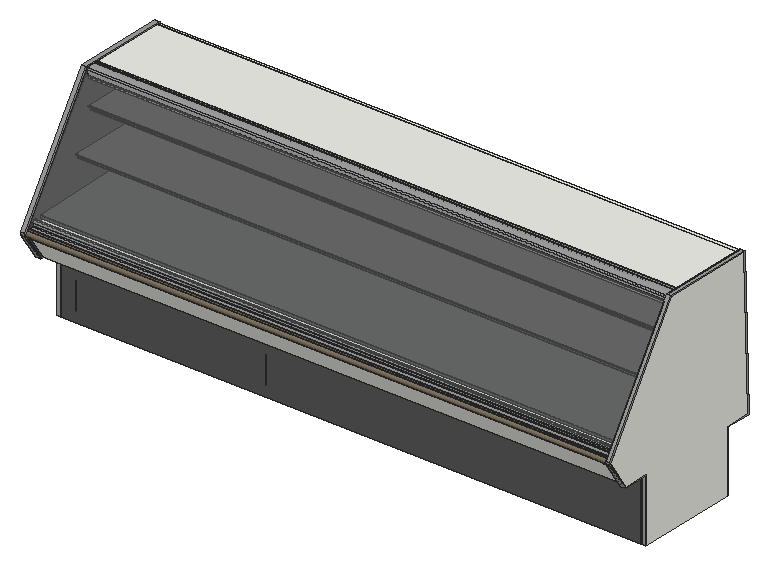
Revit family "Q3-BS_2014", category Specialty Equipment, Revit 2014
Parameters (values of type "12'-0" Length")
  Width = 144"
  Waste Drain = 1 1/2"  # constant formula
  URL = "www.hussmann.com"
  Type Comments = "Q-Series Family"  # constant formula
  Trim = Stainless Steel
  Total Weight = Case Weight + (2 * End Weight)  # 0.00 lbf
  Splashguard = Textured Sheet Metal (Steel Painted) - 701 Black
  Side Panel - Right [instance] = yes
  Side Panel - Left [instance] = yes
  Shelves = Sheet Metal (Steel Painted) - 701 Black
  Shelf Lights [instance] = yes
  Revit Family Date = "11/20/2015"  # constant formula
  Refrigeration Lines Suction = 5/8"  # constant formula
  Refrigeration Lines Liquid = 3/8"  # constant formula
  Refrig. Suction = "Suction"
  Refrig. Liquid = "Liquid"
  Number of Supports = if(Width < 50", 2, if(Width < 100", 3, 4))  # 4
  Number of Shelves = 2  # constant formula
  Note from Manufacturer = "This model only comes in 4'-0\", 5'-0\", 6'-0\", 8'-0\", 10'-0\" & 12'-0\" lengths."
  Model URL = "http://www.hussmann.com/en/product%20viewer/display-cases/Q3-BS"
  Model = "Q3-BS"  # constant formula
  Manufacturer Disclaimer = "The information in this file is not intended to be an exact representation of the corresponding Hussmann product.  Further, we reserve the right to change or revise specifications and product design in connection with any feature of our products. Such changes do not entitle the buyer to corresponding changes, improvements, additions, or replacements for equipment previously sold or shipped."  # constant formula
  Manufacturer = "Hussmann Corporation"  # constant formula
  Height = 52"  # constant formula
  Glazing = Glass
  Ends = Textured Sheet Metal (Steel Painted) - 149 White Satin Matte
  End Weight = 0.00 lbf  # constant formula
  Door Frame = Plastic - 144 Mist Gray
  Description = "Service Merchandiser with Curved Glass – Refrigerated or Dry Multi-Deck Bakery"  # constant formula
  Depth = 42 1/4"  # constant formula
  Cutsheet URL = "http://www.hussmann.com/en/Technical%20Documents/Q3-BS_ds_En.pdf"
  Close Off Panel = Textured Sheet Metal (Steel Painted) - 701 Black
  Case Weight = 0.00 lbf  # constant formula
  Case Interior - Side Panel = Sheet Metal (Steel Painted) - 701 Black
  Case Interior - Back Panel = Sheet Metal (Steel Painted) - 701 Black
  Case = Textured Sheet Metal (Steel Painted) - 149 White Satin Matte
  Bumper = Extruded PVC - 747 Chocolate Brown
  Assembly Code = ""
  Accessories/Options = ""
  8 Case = Width = 96"  # no
  6 Case = Width = 72"  # no
  5 Case = Width = 60"  # no
  4 Case = Width = 48"  # no
  12 Case = Width = 144"  # yes
  10 Case = Width = 120"  # no
Types (6): name | Width | Number of Supports | 8 Case | 6 Case | 5 Case | 4 Case | 12 Case | 10 Case
  4'-0" Length | 48" | 2 | no | no | no | yes | no | no
  5'-0" Length | 60" | 3 | no | no | yes | no | no | no
  6'-0" Length | 72" | 3 | no | yes | no | no | no | no
  8'-0" Length | 96" | 3 | yes | no | no | no | no | no
  10'-0" Length | 120" | 4 | no | no | no | no | no | yes
  12'-0" Length | 144" | 4 | no | no | no | no | yes | no
Reference planes (in)
  plane 1 "Back": y = 0
  plane 2 "Bottom": z = 0
  plane 3 "Top": z = 52
  plane 4 "Left": x = -77.30699
  plane 5 "Front": y = -42.25
  plane 6 "Center (Left/Right)": x = -5.30699
  plane 7: y = 3
  plane 8: x = -78.43199
  plane 9 "Right": x = 66.69301
  plane 10: y = -45.25
  plane 11: x = 67.81801
  plane 12: z = 24
  plane 13: z = 68
  plane 14: z = 55
Forms (in)
  Extrusion 1, solid, material "Metal - Copper"
    sketch origin (57.40105, 5, -0.375) x (1, 0, 0) y (0, 1, 0)
      loop
        circle (2.85449, -33.25) r 0.28859
      loop
        circle (2.85449, -33.25) r 0.3125
    from 6.375 to 0.375
  Extrusion 2, solid, material "Metal - Copper"
    sketch origin (59.82608, 5, -0.375) x (1, 0, 0) y (0, 1, 0)
      loop
        circle (0.92946, -33.25) r 0.17188
      loop
        circle (0.92946, -33.25) r 0.1875
    from 6.375 to 0.375
  Extrusion 3, solid, material "Metal - Copper"
    sketch origin (-56.6875, 1.04319, 0) x (1, 0, 0) y (0, 1, 0)
      loop
        arc (56.38051, -25.39663) -> (55.85018, -25.6163) -> (55.63051, -26.14663) r 0.75
        arc (55.63051, -26.14663) -> (55.85018, -26.67696) -> (56.38051, -26.89663) r 0.75
        arc (56.38051, -26.89663) -> (56.91084, -26.67696) -> (57.13051, -26.14663) r 0.75
        arc (57.13051, -26.14663) -> (56.91084, -25.6163) -> (56.38051, -25.39663) r 0.75
      loop
        circle (56.38051, -26.14663) r 0.7102
    from 6.42413 to 0
  Extrusion 4, solid, material "Textured Sheet Metal (Steel Painted) - 149 White Satin Matte" <- "Case"
    sketch origin (-77.30699, 0, 0) x (0, 1, 0) y (0, 0, 1)
      loop
        line (-3.33879, 26.93864) -> (-7.65379, 26.70031) -> (-7.65379, 25.55979) -> (-37.4777, 24.87018) -> (-37.4777, 23.5261) -> (-41.36983, 23.5261) -> (-41.36983, 22.48714) -> (-36.93709, 15.87134) -> (-31.21576, 15.87134) -> (-31.21576, 15.66) -> (-5.77451, 15.66) -> (-5.77451, 15.50849) -> (0, 15.50849) -> (0, 24.99834) -> (-3.33879, 24.99834) -> (-3.33879, 26.93864)
      loop
        line (-18.49129, 50.29793) -> (-3.29712, 50.29793) -> (-3.29712, 49.90368) -> (-0.6803, 49.94935) -> (-0.73901, 51.93893) -> (-1.44054, 51.93893) -> (-1.44054, 51.59373) -> (-18.49129, 51.59373) -> (-18.49129, 50.29793)
    from 0 to 144 <- "Width"
  Extrusion 5, solid, material "Stainless Steel" <- "Trim"
    sketch origin (-77.30699, 0, 0) x (0, 1, 0) y (0, 0, 1)
      loop
        line (-40.51699, 23.5261) -> (-37.4777, 23.5261) -> (-37.4777, 24.0261) -> (-39.58806, 24.0261) -> (-39.58806, 24.58752) -> (-39.52606, 24.58752) -> (-39.52606, 25.29152)
        arc (-39.52606, 25.29152) -> (-39.54421, 25.33536) -> (-39.58806, 25.35352) r 0.062
        line (-39.58806, 25.35352) -> (-39.82706, 25.35352)
        arc (-39.82706, 25.35352) -> (-39.8709, 25.33536) -> (-39.88906, 25.29152) r 0.062
        line (-39.88906, 25.29152) -> (-39.88906, 24.58752) -> (-39.83806, 24.58752) -> (-39.83806, 24.0261) -> (-40.335, 24.0261) -> (-40.51699, 23.5261)
      loop
        line (-18.49129, 51.5591) -> (-20.05441, 51.5591) -> (-20.05441, 51.9528)
        arc (-20.05441, 51.9528) -> (-20.06017, 51.96672) -> (-20.07409, 51.97249) r 0.01969
        line (-20.07409, 51.97249) -> (-20.89718, 51.97249)
        arc (-20.89718, 51.97249) -> (-20.9125, 51.96225) -> (-20.90891, 51.94417) r 0.01659
        line (-20.90891, 51.94417) -> (-20.85848, 51.89375) -> (-20.69863, 51.89375) -> (-20.69863, 51.74562) -> (-21.28558, 51.74562) -> (-21.28558, 51.86951)
        arc (-21.28558, 51.86951) -> (-21.17182, 51.87276) -> (-21.05802, 51.87241) r 3.60235
        arc (-21.05802, 51.87241) -> (-21.00788, 51.92069) -> (-21.05616, 51.97082) r 0.04921
        arc (-21.05616, 51.97082) -> (-21.96425, 51.87528) -> (-22.8213, 51.5603) r 3.70077
        arc (-22.8213, 51.5603) -> (-22.99894, 51.43499) -> (-23.13554, 51.26589) r 0.7874
        arc (-23.13554, 51.26589) -> (-23.28093, 50.94215) -> (-23.34598, 50.59327) r 1.49606
        arc (-23.34598, 50.59327) -> (-23.32861, 50.56726) -> (-23.29898, 50.57729) r 0.0257
        line (-23.29898, 50.57729) -> (-23.26276, 50.63136) -> (-23.23005, 50.60945) -> (-22.83571, 51.19826) -> (-22.63944, 51.06681) -> (-23.04087, 50.46742) -> (-22.87918, 50.35913) -> (-23.00604, 50.23581)
        arc (-23.00604, 50.23581) -> (-23.02374, 50.20987) -> (-23.0299, 50.17909) r 0.07874
        line (-23.0299, 50.17909) -> (-23.0291, 49.93624) -> (-22.83952, 49.41537) -> (-22.11947, 49.41537)
        arc (-22.11947, 49.41537) -> (-21.86259, 49.36022) -> (-21.65097, 49.20449) r 0.62587
        arc (-21.65097, 49.20449) -> (-21.05135, 48.69284) -> (-20.33401, 48.36609) r 2.83465
        arc (-20.33401, 48.36609) -> (-20.01176, 48.33988) -> (-19.70615, 48.44537) r 0.7874
        line (-19.70615, 48.44537) -> (-18.64369, 49.08103)
        arc (-18.64369, 49.08103) -> (-18.42381, 49.34818) -> (-18.42415, 49.69418) r 0.51181
        line (-18.42415, 49.69418) -> (-18.18132, 49.73699)
        arc (-18.18132, 49.73699) -> (-17.73622, 49.52244) -> (-17.63009, 50.00503) r 0.31496
        line (-17.63009, 50.00503) -> (-17.17637, 50.29793) -> (-18.49129, 50.29793) -> (-18.49129, 51.5591)
    from 0 to 144 <- "Width"
  Extrusion 6, solid, material "Glass" <- "Glazing"
    sketch origin (-77.30699, 0, 0) x (0, 1, 0) y (0, 0, 1)
      loop
        line (-22.63944, 51.06681) -> (-22.83571, 51.19826) -> (-40.40598, 24.96367) -> (-40.20971, 24.83222) -> (-22.63944, 51.06681)
    from 0 to 144 <- "Width"
  Extrusion 7, solid, material "Extruded PVC - 747 Chocolate Brown" <- "Bumper"
    sketch origin (-77.30699, 0, 0) x (0, 1, 0) y (0, 0, 1)
      loop
        line (-41.37483, 23.55071) -> (-41.67328, 23.55071)
        arc (-41.67328, 23.55071) -> (-42.22678, 22.99721) -> (-41.67328, 22.44371) r 0.5535
        line (-41.67328, 22.44371) -> (-41.37483, 22.44371) -> (-41.37483, 22.05759)
        arc (-41.37483, 22.05759) -> (-41.30983, 21.99259) -> (-41.24483, 22.05759) r 0.065
        line (-41.24483, 22.05759) -> (-41.24483, 22.30058) -> (-41.36983, 22.48714) -> (-41.36983, 23.5261) -> (-41.24483, 23.5261) -> (-41.24483, 23.85459)
        arc (-41.24483, 23.85459) -> (-41.30983, 23.91959) -> (-41.37483, 23.85459) r 0.065
        line (-41.37483, 23.85459) -> (-41.37483, 23.55071)
    from 0 to 144 <- "Width"
  Extrusion 8, solid, material "Textured Sheet Metal (Steel Painted) - 701 Black" <- "Close Off Panel"
    sketch origin (-77.30699, 0, 0) x (0, 1, 0) y (0, 0, 1)
      loop
        line (-31.21576, 0) -> (-30.68076, 0) -> (-30.68076, 15.66) -> (-31.21576, 15.66) -> (-31.21576, 0)
      loop
        line (-5.70451, 0) -> (-5.70451, 15.6875) -> (-6.20451, 15.6875) -> (-6.20451, 0) -> (-5.70451, 0)
    from 0 to 144 <- "Width"
  Extrusion 9, solid, material "Stainless Steel" <- "Trim", visible <- "Side Panel - Left"
    sketch origin (-78.43199, -180, -15.1222) x (0, 0, -1) y (0, -1, 0)
      loop
        line (-30.68856, -142.46894) -> (-37.80148, -137.70311)
        arc (-37.80148, -137.70311) -> (-38.0774, -137.61849) -> (-38.35412, -137.70047) r 0.5
        line (-38.35412, -137.70047) -> (-67.20264, -156.63232) -> (-67.20261, -179.45344) -> (-30.3722, -180.59449) -> (-30.3722, -174.29549) -> (-15.1222, -174.29549) -> (-15.1222, -174.17049) -> (-30.4972, -174.17049) -> (-30.4972, -180.46556) -> (-67.07761, -179.33225) -> (-67.07764, -156.69981) -> (-38.28554, -137.80497)
        arc (-38.28554, -137.80497) -> (-38.078, -137.74349) -> (-37.87106, -137.80695) r 0.375
        line (-37.87106, -137.80695) -> (-30.81356, -142.53565) -> (-30.81356, -148.90924) -> (-15.1222, -148.90924) -> (-15.1222, -148.78424) -> (-30.68856, -148.78424) -> (-30.68856, -142.46894)
    from -1.125 to 0
  Extrusion 10, solid, material "Textured Sheet Metal (Steel Painted) - 149 White Satin Matte" <- "Ends", visible <- "Side Panel - Left"
    sketch origin (-78.43199, -180, -15.1222) x (0, 0, -1) y (0, -1, 0)
      loop
        line (-15.1222, -148.90924) -> (-30.81356, -148.90924) -> (-30.81356, -142.53565) -> (-37.87106, -137.80695)
        arc (-37.87106, -137.80695) -> (-38.078, -137.74349) -> (-38.28554, -137.80497) r 0.375
        line (-38.28554, -137.80497) -> (-67.07764, -156.69981) -> (-67.07761, -179.33225) -> (-30.4972, -180.46556) -> (-30.4972, -174.17049) -> (-15.1222, -174.17049) -> (-15.1222, -148.90924)
    from 0 to -1.09375
  Extrusion 11, solid, material "Sheet Metal (Steel Painted) - 701 Black" <- "Case Interior - Side Panel", visible <- "Side Panel - Left"
    sketch origin (-77.30699, 0, 0) x (0, 1, 0) y (0, 0, 1)
      loop
        line (-31.09076, 0) -> (-5.82951, 0) -> (-5.82951, 15.375) -> (0.46556, 15.375) -> (-0.66775, 51.95541) -> (-23.30019, 51.95544) -> (-42.19503, 23.16334)
        arc (-42.19503, 23.16334) -> (-42.25651, 22.9558) -> (-42.19305, 22.74886) r 0.375
        line (-42.19305, 22.74886) -> (-37.46435, 15.69136) -> (-31.09076, 15.69136) -> (-31.09076, 0)
    from 0 to -0.03125
  Extrusion 12, solid, material "Stainless Steel" <- "Trim", visible <- "Side Panel - Right"
    sketch origin (67.81801, -180, -15.1222) x (0, 0, -1) y (0, 1, 0)
      loop
        line (-30.68856, 142.46894) -> (-30.68856, 148.78424) -> (-15.1222, 148.78424) -> (-15.1222, 148.90924) -> (-30.81356, 148.90924) -> (-30.81356, 142.53565) -> (-37.87106, 137.80695)
        arc (-37.87106, 137.80695) -> (-38.078, 137.74349) -> (-38.28554, 137.80497) r 0.375
        line (-38.28554, 137.80497) -> (-67.07764, 156.69981) -> (-67.07761, 179.33225) -> (-30.4972, 180.46556) -> (-30.4972, 174.17049) -> (-15.1222, 174.17049) -> (-15.1222, 174.29549) -> (-30.3722, 174.29549) -> (-30.3722, 180.59449) -> (-67.20261, 179.45344) -> (-67.20264, 156.63232) -> (-38.35412, 137.70047)
        arc (-38.35412, 137.70047) -> (-38.0774, 137.61849) -> (-37.80148, 137.70311) r 0.5
        line (-37.80148, 137.70311) -> (-30.68856, 142.46894)
    from -1.125 to 0
  Extrusion 13, solid, material "Textured Sheet Metal (Steel Painted) - 149 White Satin Matte" <- "Ends", visible <- "Side Panel - Right"
    sketch origin (67.81801, -181.56822, -15.1222) x (0, 0, -1) y (0, 1, 0)
      loop
        line (-15.1222, 150.47746) -> (-15.1222, 175.73871) -> (-30.4972, 175.73871) -> (-30.4972, 182.03378) -> (-67.07761, 180.90047) -> (-67.07764, 158.26802) -> (-38.28554, 139.37319)
        arc (-38.28554, 139.37319) -> (-38.078, 139.31171) -> (-37.87106, 139.37517) r 0.375
        line (-37.87106, 139.37517) -> (-30.81356, 144.10386) -> (-30.81356, 150.47746) -> (-15.1222, 150.47746)
    from 0 to -1.09375
  Extrusion 14, solid, material "Sheet Metal (Steel Painted) - 701 Black" <- "Case Interior - Side Panel", visible <- "Side Panel - Right"
    sketch origin (66.69301, -180, 106.25) x (0, 0, 1) y (0, -1, 0)
      loop
        line (-106.25, -148.90924) -> (-106.25, -174.17049) -> (-90.875, -174.17049) -> (-90.875, -180.46556) -> (-54.29459, -179.33225) -> (-54.29456, -156.69981) -> (-83.08666, -137.80497)
        arc (-83.08666, -137.80497) -> (-83.2942, -137.74349) -> (-83.50114, -137.80695) r 0.375
        line (-83.50114, -137.80695) -> (-90.55864, -142.53565) -> (-90.55864, -148.90924) -> (-106.25, -148.90924)
    from 0 to 0.03125
  Extrusion 15, solid, material "Sheet Metal (Steel Painted) - 701 Black" <- "Shelves"
    sketch origin (-77.30699, 0, 0) x (0, 1, 0) y (0, 0, 1)
      loop
        line (-7.76645, 26.18735) -> (-37.88081, 25.49103) -> (-37.87929, 25.42605) -> (-37.86543, 24.83121) -> (-7.7512, 25.52753) -> (-7.75038, 25.49254)
        arc (-7.75038, 25.49254) -> (-7.7048, 25.5126) -> (-7.6868, 25.55904) r 0.065
        line (-7.6868, 25.55904) -> (-7.69996, 26.12388)
        arc (-7.69996, 26.12388) -> (-7.72006, 26.16939) -> (-7.76645, 26.18735) r 0.065
    from 0 to 144 <- "Width"
  Extrusion 16, solid, material "Sheet Metal (Steel Painted) - 701 Black" <- "Shelves"
    sketch origin (-77.30699, 0, 0) x (0, 1, 0) y (0, 0, 1)
      loop
        line (-22.86261, 43.29583) -> (-22.90261, 43.25583) -> (-22.90261, 43.08692) -> (-22.86152, 43.04583) -> (-19.33261, 43.04583) -> (-19.33261, 42.79583) -> (-21.86761, 42.79583)
        arc (-21.86761, 42.79583) -> (-21.89236, 42.78558) -> (-21.90261, 42.76083) r 0.035
        line (-21.90261, 42.76083) -> (-21.90261, 41.88583)
        arc (-21.90261, 41.88583) -> (-21.88956, 41.85026) -> (-21.8566, 41.83157) r 0.055
        line (-21.8566, 41.83157) -> (-19.83034, 41.44883) -> (-2.4071, 41.44883) -> (-2.4609, 43.04583) -> (-6.90261, 43.04583) -> (-6.90261, 43.25583) -> (-6.94261, 43.29583) -> (-22.86261, 43.29583)
      loop
        line (-26.86261, 34.29583) -> (-26.90261, 34.25583) -> (-26.90261, 34.08692) -> (-26.86152, 34.04583) -> (-23.33261, 34.04583) -> (-23.33261, 33.79583) -> (-25.86761, 33.79583)
        arc (-25.86761, 33.79583) -> (-25.89236, 33.78558) -> (-25.90261, 33.76083) r 0.035
        line (-25.90261, 33.76083) -> (-25.90261, 32.88583)
        arc (-25.90261, 32.88583) -> (-25.88956, 32.85026) -> (-25.8566, 32.83157) r 0.055
        line (-25.8566, 32.83157) -> (-23.83034, 32.44883) -> (-2.1039, 32.44883) -> (-2.1577, 34.04583) -> (-6.90261, 34.04583) -> (-6.90261, 34.25583) -> (-6.94261, 34.29583) -> (-26.86261, 34.29583)
    from 0 to 144 <- "Width"
  Extrusion 17, solid, material "Textured Sheet Metal (Steel Painted) - 149 White Satin Matte" <- "Case"
    sketch origin (-77.30699, 0, 0) x (0, 1, 0) y (0, 0, 1)
      loop
        line (-20.05441, 51.59373) -> (-1.44054, 51.59373) -> (-1.44054, 51.95541) -> (-20.05441, 51.95543) -> (-20.05441, 51.59373)
    from 0 to 144 <- "Width"
Lines and regions (in)
  reference lines
    curve 1: line (-76.0307, -42.25, 0) -> (-76.0307, 0, 0)
    curve 2: line (-0.30699, -42.25, 0) -> (-0.30699, 0, 0)
    curve 3: line (65.44301, -42.25, 0) -> (65.44301, 0, 0)
    curve 4: line (60.56804, -42.25, 0) -> (60.56804, 0, 0)
    curve 5: line (-77.30699, -25.10344, 0) -> (66.69301, -25.10344, 0)
    curve 6: line (66.69301, -28.25, 0) -> (-77.30699, -28.25, 0)
Dimensions and locks (in)
  equal spacing: plane 4 "Left", plane 6 "Center (Left/Right)", plane 9 "Right"
  locked: plane 8 to plane 4 "Left" at 1.125
  "Width": plane 4 "Left" to plane 9 "Right"
  locked: plane 4 "Left" to curve 1 at 1.27628
  locked: plane 6 "Center (Left/Right)" to curve 2 at 5
  locked: curve 3 to plane 9 "Right" at 1.25
  "Depth": plane 5 "Front" to plane 1 "Back"
  plane 5 "Front" to plane 10 = 3"
  plane 1 "Back" to plane 7 = 3"
  locked: curve 4 to plane 9 "Right" at 6.12497
  "Height": plane 3 "Top" to level
  locked: plane 1 "Back" to curve 5 at 25.10344
  locked: plane 1 "Back" to curve 6 at 28.25
  locked: plane 9 "Right" to plane 11 at 1.125
  locked: plane 12 to level at 24
  locked: plane 13 to level at 68
  plane 14 to plane 3 "Top" = 3"
  locked: Extrusion 3 sketch curve to Extrusion 3 sketch curve at 0.0398
  locked: Extrusion 2 sketch curve to Extrusion 2 sketch curve at 0.01562
  locked: Extrusion 1 sketch curve to Extrusion 1 sketch curve at 0.02391
  equal spacing: group 1, group 3, group 4, group 2  (x3)
  locked: plane 9 "Right" to Extrusion 14 at 0.03125
  "Waste Drain": diameter of Extrusion 3 sketch curve
  "Refrigeration Lines Liquid": diameter of Extrusion 2 sketch curve
  "Refrigeration Lines Suction": diameter of Extrusion 1 sketch curve
  aligned and locked: plane 5 "Front" to curve 3
  aligned and locked: plane 5 "Front" to curve 2
  aligned and locked: plane 5 "Front" to curve 1
  aligned and locked: plane 9 "Right" to curve 6
  aligned and locked: plane 9 "Right" to curve 5
  aligned and locked: Extrusion 1 to level
  aligned and locked: Extrusion 2 to level
  aligned and locked: curve 6 to Extrusion 2 sketch curve  (x4)
  aligned and locked: curve 6 to Extrusion 1 sketch curve  (x4)
  aligned and locked: curve 5 to Extrusion 3 sketch curve
  aligned and locked: curve 2 to Extrusion 3 sketch curve
  aligned and locked: curve 4 to Extrusion 2 sketch curve
  aligned and locked: curve 4 to Extrusion 1 sketch curve
  aligned and locked: curve 1 to nested 1
  aligned and locked: curve 3 to nested 2
  aligned and locked: plane 8 to Extrusion 9
  aligned and locked: plane 11 to Extrusion 13
  aligned and locked: Extrusion 13 to Extrusion 14
  aligned and locked: Extrusion 12 to plane 9 "Right"
  aligned and locked: plane 11 to Extrusion 12
  aligned and locked: nested 12 to nested 11
  aligned and locked: nested 10 to nested 12
  aligned and locked: nested 12 to nested 9
  aligned and locked: nested 12 to nested 8  (x2)
  aligned and locked: nested 7 to nested 6
  aligned and locked: nested 12 to nested 7
  aligned and locked: plane 4 "Left" to nested 14
  aligned and locked: plane 4 "Left" to nested 15
  aligned and locked: plane 4 "Left" to nested 16
  aligned and locked: plane 4 "Left" to nested 17
Automatic sketch dimensions
  curve 5 to plane 4 "Left" = 0"
  curve 6 to plane 4 "Left" = 0"
  curve 4 to plane 5 "Front" = 0"
  plane 1 "Back" to curve 4 = 0"
  plane 1 "Back" to curve 1 = 0"
  plane 1 "Back" to curve 3 = 0"
  plane 1 "Back" to curve 2 = 0"
  Extrusion 4 sketch curve to plane 1 "Back" = 0"
  plane 1 "Back" to Extrusion 4 sketch curve = 0.6803"
  plane 3 "Top" to Extrusion 4 sketch curve = 0.06107"
  plane 1 "Back" to Extrusion 4 sketch curve = 0.73901"
  Extrusion 4 sketch curve to Extrusion 4 sketch curve = 0.70154"
  Extrusion 4 sketch curve to Extrusion 4 sketch curve = 1.85657"
  plane 12 to Extrusion 4 sketch curve = 0.99834"
  plane 1 "Back" to Extrusion 4 sketch curve = 3.33879"
  plane 1 "Back" to Extrusion 4 sketch curve = 5.77451"
  plane 12 to Extrusion 4 sketch curve = 1.55979"
  Extrusion 4 sketch curve to Extrusion 4 sketch curve = 4.315"
  plane 3 "Top" to Extrusion 4 sketch curve = 1.70207"
  Extrusion 4 sketch curve to Extrusion 4 sketch curve = 15.19418"
  plane 5 "Front" to Extrusion 4 sketch curve = 11.03424"
  plane 5 "Front" to Extrusion 4 sketch curve = 5.31291"
  plane 12 to Extrusion 4 sketch curve = 0.87018"
  plane 5 "Front" to Extrusion 4 sketch curve = 4.7723"
  plane 5 "Front" to Extrusion 4 sketch curve = 0.88017"
  Extrusion 4 sketch curve to plane 12 = 0.4739"
  Extrusion 4 sketch curve to Extrusion 4 sketch curve = 1.03896"
  Extrusion 4 sketch curve to Extrusion 4 sketch curve = 7.65476"
  Extrusion 4 sketch curve to Extrusion 4 sketch curve = 0.21134"
  Extrusion 4 sketch curve to Extrusion 4 sketch curve = 0.15151"
  Extrusion 4 sketch curve to Extrusion 4 sketch curve = 1.14052"
  Extrusion 4 sketch curve to Extrusion 4 sketch curve = 1.94029"
  Extrusion 4 sketch curve to Extrusion 4 sketch curve = 0.39425"
  Extrusion 4 sketch curve to Extrusion 4 sketch curve = 1.98957"
  plane 3 "Top" to Extrusion 4 sketch curve = 0.40627"
  Extrusion 5 sketch curve to Extrusion 5 sketch curve = 0"  (x8)
  Extrusion 5 sketch curve to plane 12 = 0.4739"
  plane 5 "Front" to Extrusion 5 sketch curve = 1.73301"
  plane 12 to Extrusion 5 sketch curve = 0.0261"  (x2)
  Extrusion 5 sketch curve to Extrusion 5 sketch curve = 0.18199"
  Extrusion 5 sketch curve to Extrusion 5 sketch curve = 0.44595"
  Extrusion 5 sketch curve to Extrusion 5 sketch curve = 0.051"
  Extrusion 5 sketch curve to Extrusion 5 sketch curve = 0.062"  (x2)
  Extrusion 5 sketch curve to Extrusion 5 sketch curve = 0.239"
  Extrusion 5 sketch curve to Extrusion 5 sketch curve = 1/4"
  Extrusion 5 sketch curve to Extrusion 5 sketch curve = 2.11036"
  plane 3 "Top" to Extrusion 5 sketch curve = 1.40841"
  plane 5 "Front" to Extrusion 5 sketch curve = 18 119/128"
  plane 3 "Top" to Extrusion 5 sketch curve = 1.42271"
  Extrusion 5 sketch curve to Extrusion 5 sketch curve = 0.02136"
  plane 3 "Top" to Extrusion 5 sketch curve = 1.36864"
  Extrusion 5 sketch curve to Extrusion 5 sketch curve = 0.03621"
  plane 3 "Top" to Extrusion 5 sketch curve = 1.39055"
  plane 3 "Top" to Extrusion 5 sketch curve = 1.53258"
  Extrusion 5 sketch curve to Extrusion 5 sketch curve = 0.18918"
  plane 3 "Top" to Extrusion 5 sketch curve = 1.82091"
  Extrusion 5 sketch curve to Extrusion 5 sketch curve = 0.01097"
  plane 3 "Top" to Extrusion 5 sketch curve = 2.06376"
  Extrusion 5 sketch curve to Extrusion 5 sketch curve = 0.0008"
  plane 3 "Top" to Extrusion 5 sketch curve = 1.76419"
  Extrusion 5 sketch curve to Extrusion 5 sketch curve = 0.02386"
  Extrusion 5 sketch curve to Extrusion 5 sketch curve = 0.07874"
  plane 3 "Top" to Extrusion 5 sketch curve = 1.64087"
  Extrusion 5 sketch curve to Extrusion 5 sketch curve = 0.18958"
  plane 3 "Top" to Extrusion 5 sketch curve = 0.80174"
  Extrusion 5 sketch curve to Extrusion 5 sketch curve = 0.17886"
  Extrusion 5 sketch curve to Extrusion 5 sketch curve = 0.72005"
  Extrusion 5 sketch curve to Extrusion 5 sketch curve = 0.60746"
  plane 3 "Top" to Extrusion 5 sketch curve = 0.25438"
  Extrusion 5 sketch curve to Extrusion 5 sketch curve = 0.56754"
  Extrusion 5 sketch curve to Extrusion 5 sketch curve = 0.99354"
  plane 3 "Top" to Extrusion 5 sketch curve = 0.07838"
  Extrusion 5 sketch curve to Extrusion 5 sketch curve = 0.22849"
  plane 3 "Top" to Extrusion 5 sketch curve = 0.05583"
  Extrusion 5 sketch curve to Extrusion 5 sketch curve = 0.14818"
  Extrusion 5 sketch curve to Extrusion 5 sketch curve = 3/256"
  Extrusion 5 sketch curve to Extrusion 5 sketch curve = 0.05042"  (x2)
  Extrusion 5 sketch curve to Extrusion 5 sketch curve = 0.15985"
  Extrusion 5 sketch curve to Extrusion 5 sketch curve = 1.01552"
  plane 3 "Top" to Extrusion 5 sketch curve = 0.02751"
  Extrusion 5 sketch curve to Extrusion 5 sketch curve = 0.62454"
  Extrusion 5 sketch curve to Extrusion 5 sketch curve = 0.01969"
  plane 3 "Top" to Extrusion 5 sketch curve = 3.55463"
  Extrusion 5 sketch curve to Extrusion 5 sketch curve = 0.40426"
  Extrusion 5 sketch curve to Extrusion 5 sketch curve = 0.52534"
  Extrusion 5 sketch curve to Extrusion 5 sketch curve = 1.20475"
  plane 3 "Top" to Extrusion 5 sketch curve = 2.91897"
  Extrusion 5 sketch curve to Extrusion 5 sketch curve = 0.26198"
  Extrusion 5 sketch curve to Extrusion 5 sketch curve = 0.41437"
  plane 3 "Top" to Extrusion 5 sketch curve = 2.30582"
  Extrusion 5 sketch curve to Extrusion 5 sketch curve = 0.48152"
  plane 3 "Top" to Extrusion 5 sketch curve = 2.26301"
  Extrusion 5 sketch curve to Extrusion 5 sketch curve = 0.24283"
  Extrusion 5 sketch curve to Extrusion 5 sketch curve = 0.30738"
  plane 3 "Top" to Extrusion 5 sketch curve = 1.99497"
  Extrusion 5 sketch curve to Extrusion 5 sketch curve = 0.24386"
  plane 3 "Top" to Extrusion 5 sketch curve = 1.70207"
  Extrusion 5 sketch curve to Extrusion 5 sketch curve = 0.45372"
  Extrusion 5 sketch curve to Extrusion 5 sketch curve = 0.56142"
  Extrusion 5 sketch curve to Extrusion 5 sketch curve = 0.704"
  Extrusion 5 sketch curve to Extrusion 5 sketch curve = 0.17467"
  Extrusion 5 sketch curve to Extrusion 5 sketch curve = 0.51879"
  Extrusion 5 sketch curve to Extrusion 5 sketch curve = 0.6757"
  Extrusion 5 sketch curve to Extrusion 5 sketch curve = 0.52088"
  Extrusion 5 sketch curve to Extrusion 5 sketch curve = 0.57137"
  Extrusion 5 sketch curve to Extrusion 5 sketch curve = 0.20642"
  plane 3 "Top" to Extrusion 5 sketch curve = 0.91596"
  Extrusion 5 sketch curve to Extrusion 5 sketch curve = 0.3937"
  Extrusion 5 sketch curve to Extrusion 5 sketch curve = 0.12389"
  plane 5 "Front" to Extrusion 6 sketch curve = 1.84402"
  plane 12 to Extrusion 6 sketch curve = 0.83222"
  Extrusion 6 sketch curve to Extrusion 6 sketch curve = 0.19627"
  plane 3 "Top" to Extrusion 6 sketch curve = 0.80174"
  plane 5 "Front" to Extrusion 6 sketch curve = 19.41429"
  plane 5 "Front" to Extrusion 7 sketch curve = 0.57672"
  Extrusion 7 sketch curve to Extrusion 7 sketch curve = 0.29845"  (x2)
  Extrusion 7 sketch curve to Extrusion 7 sketch curve = 0.005"
  Extrusion 7 sketch curve to Extrusion 7 sketch curve = 0.065"  (x2)
  Extrusion 7 sketch curve to plane 12 = 1.94241"
  Extrusion 7 sketch curve to Extrusion 7 sketch curve = 0.24299"
  Extrusion 7 sketch curve to Extrusion 7 sketch curve = 0.14313"
  Extrusion 7 sketch curve to Extrusion 7 sketch curve = 0.04343"
  Extrusion 7 sketch curve to Extrusion 7 sketch curve = 0.5535"
  Extrusion 7 sketch curve to Extrusion 7 sketch curve = 0.02461"
  Extrusion 7 sketch curve to plane 12 = 0.14541"
  Extrusion 8 sketch curve to level = 0"  (x2)
  plane 5 "Front" to Extrusion 8 sketch curve = 11.03424"
  Extrusion 8 sketch curve to Extrusion 8 sketch curve = 0.535"
  plane 1 "Back" to Extrusion 8 sketch curve = 6.20451"
  Extrusion 8 sketch curve to Extrusion 8 sketch curve = 1/2"
  Extrusion 8 sketch curve to plane 12 = 8.34"
  Extrusion 8 sketch curve to plane 12 = 8 5/16"
  Extrusion 9 sketch curve to Extrusion 9 sketch curve = 0"  (x2)
  Extrusion 9 sketch curve to level = 0"  (x2)
  Extrusion 9 sketch curve to plane 12 = 8 3/4"
  Extrusion 9 sketch curve to Extrusion 9 sketch curve = 1/8"  (x4)
  Extrusion 9 sketch curve to plane 12 = 8.43364"
  Extrusion 9 sketch curve to plane 5 "Front" = 3/64"
  Extrusion 9 sketch curve to plane 12 = 1.32072"
  plane 5 "Front" to Extrusion 9 sketch curve = 0.05695"
  Extrusion 9 sketch curve to Extrusion 9 sketch curve = 0.06958"
  Extrusion 9 sketch curve to Extrusion 9 sketch curve = 0.20874"
  plane 5 "Front" to Extrusion 9 sketch curve = 0.05497"
  Extrusion 9 sketch curve to Extrusion 9 sketch curve = 0.20575"
  Extrusion 9 sketch curve to plane 5 "Front" = 0.04953"
  plane 3 "Top" to Extrusion 9 sketch curve = 0.04459"
  plane 3 "Top" to Extrusion 9 sketch curve = 0.04456"
  Extrusion 9 sketch curve to plane 3 "Top" = 0.08041"
  Extrusion 9 sketch curve to plane 3 "Top" = 0.08044"
  plane 5 "Front" to Extrusion 9 sketch curve = 4.71894"
  Extrusion 9 sketch curve to Extrusion 9 sketch curve = 0.06671"
  plane 5 "Front" to Extrusion 9 sketch curve = 11.03424"
  plane 5 "Front" to Extrusion 9 sketch curve = 18.88232"
  Extrusion 9 sketch curve to Extrusion 9 sketch curve = 0.06748"
  plane 1 "Back" to Extrusion 9 sketch curve = 5.82951"
  plane 1 "Back" to Extrusion 9 sketch curve = 0.66775"
  Extrusion 9 sketch curve to Extrusion 9 sketch curve = 0.12119"
  Extrusion 9 sketch curve to plane 1 "Back" = 0.46556"
  Extrusion 9 sketch curve to Extrusion 9 sketch curve = 0.12893"
  Extrusion 10 sketch curve to level = 0"
  Extrusion 10 sketch curve to plane 12 = 8 5/8"
  Extrusion 10 sketch curve to plane 12 = 8.30864"
  plane 5 "Front" to Extrusion 10 sketch curve = 0.05695"
  Extrusion 10 sketch curve to plane 12 = 1.25114"
  Extrusion 10 sketch curve to Extrusion 10 sketch curve = 0.20874"
  plane 5 "Front" to Extrusion 10 sketch curve = 0.05497"
  Extrusion 10 sketch curve to Extrusion 10 sketch curve = 0.20575"
  plane 3 "Top" to Extrusion 10 sketch curve = 0.04459"
  plane 3 "Top" to Extrusion 10 sketch curve = 0.04456"
  plane 5 "Front" to Extrusion 10 sketch curve = 4.78565"
  plane 5 "Front" to Extrusion 10 sketch curve = 11.15924"
  plane 5 "Front" to Extrusion 10 sketch curve = 18.94981"
  plane 1 "Back" to Extrusion 10 sketch curve = 5.82951"
  plane 1 "Back" to Extrusion 10 sketch curve = 0.66775"
  Extrusion 10 sketch curve to plane 1 "Back" = 0.46556"
  Extrusion 11 sketch curve to level = 0"
  plane 5 "Front" to Extrusion 11 sketch curve = 0.05497"
  plane 5 "Front" to Extrusion 11 sketch curve = 0.05695"
  plane 5 "Front" to Extrusion 11 sketch curve = 0.36849"
  plane 5 "Front" to Extrusion 11 sketch curve = 4.78565"
  Extrusion 11 sketch curve to Extrusion 11 sketch curve = 6.37359"
  plane 3 "Top" to Extrusion 11 sketch curve = 0.04456"
  plane 5 "Front" to Extrusion 11 sketch curve = 18.94981"
  plane 1 "Back" to Extrusion 11 sketch curve = 5.82951"
  plane 3 "Top" to Extrusion 11 sketch curve = 0.04459"
  plane 1 "Back" to Extrusion 11 sketch curve = 0.66775"
  Extrusion 11 sketch curve to plane 1 "Back" = 0.46556"
  Extrusion 11 sketch curve to plane 12 = 8 5/8"
  Extrusion 11 sketch curve to plane 12 = 8.30864"
  Extrusion 11 sketch curve to plane 12 = 1.25114"
  Extrusion 11 sketch curve to Extrusion 11 sketch curve = 0.20874"
  Extrusion 12 sketch curve to Extrusion 12 sketch curve = 0"  (x2)
  Extrusion 12 sketch curve to level = 0"  (x2)
  Extrusion 12 sketch curve to plane 12 = 8 3/4"
  Extrusion 12 sketch curve to Extrusion 12 sketch curve = 1/8"  (x4)
  Extrusion 12 sketch curve to plane 12 = 8.43364"
  Extrusion 12 sketch curve to plane 5 "Front" = 3/64"
  Extrusion 12 sketch curve to plane 12 = 1.32072"
  plane 5 "Front" to Extrusion 12 sketch curve = 0.05695"
  Extrusion 12 sketch curve to Extrusion 12 sketch curve = 0.06958"
  Extrusion 12 sketch curve to Extrusion 12 sketch curve = 0.20874"
  plane 5 "Front" to Extrusion 12 sketch curve = 0.05497"
  Extrusion 12 sketch curve to Extrusion 12 sketch curve = 0.20575"
  Extrusion 12 sketch curve to plane 5 "Front" = 0.04953"
  plane 3 "Top" to Extrusion 12 sketch curve = 0.04459"
  plane 3 "Top" to Extrusion 12 sketch curve = 0.04456"
  Extrusion 12 sketch curve to plane 3 "Top" = 0.08041"
  Extrusion 12 sketch curve to plane 3 "Top" = 0.08044"
  plane 5 "Front" to Extrusion 12 sketch curve = 4.71894"
  Extrusion 12 sketch curve to Extrusion 12 sketch curve = 0.06671"
  Extrusion 12 sketch curve to Extrusion 12 sketch curve = 6.24859"
  plane 5 "Front" to Extrusion 12 sketch curve = 18.88232"
  Extrusion 12 sketch curve to Extrusion 12 sketch curve = 0.06748"
  plane 1 "Back" to Extrusion 12 sketch curve = 5.82951"
  plane 1 "Back" to Extrusion 12 sketch curve = 0.66775"
  Extrusion 12 sketch curve to Extrusion 12 sketch curve = 0.12119"
  Extrusion 12 sketch curve to plane 1 "Back" = 0.46556"
  Extrusion 12 sketch curve to Extrusion 12 sketch curve = 0.12893"
  Extrusion 14 sketch curve to level = 0"
  Extrusion 14 sketch curve to plane 12 = 8 5/8"
  Extrusion 14 sketch curve to plane 12 = 8.30864"
  plane 5 "Front" to Extrusion 14 sketch curve = 0.05695"
  Extrusion 14 sketch curve to plane 12 = 1.25114"
  Extrusion 14 sketch curve to Extrusion 14 sketch curve = 0.20874"
  plane 5 "Front" to Extrusion 14 sketch curve = 0.05497"
  Extrusion 14 sketch curve to Extrusion 14 sketch curve = 0.20575"
  plane 3 "Top" to Extrusion 14 sketch curve = 0.04459"
  plane 3 "Top" to Extrusion 14 sketch curve = 0.04456"
  plane 5 "Front" to Extrusion 14 sketch curve = 4.78565"
  plane 5 "Front" to Extrusion 14 sketch curve = 11.15924"
  plane 5 "Front" to Extrusion 14 sketch curve = 18.94981"
  plane 1 "Back" to Extrusion 14 sketch curve = 5.82951"
  plane 1 "Back" to Extrusion 14 sketch curve = 0.66775"
  Extrusion 14 sketch curve to plane 1 "Back" = 0.46556"
  Extrusion 13 sketch curve to level = 0"
  plane 12 to Extrusion 13 sketch curve = 8 5/8"
  plane 12 to Extrusion 13 sketch curve = 8.30864"
  Extrusion 13 sketch curve to plane 5 "Front" = 0.05695"
  plane 12 to Extrusion 13 sketch curve = 1.25114"
  Extrusion 13 sketch curve to Extrusion 13 sketch curve = 0.20874"
  Extrusion 13 sketch curve to plane 5 "Front" = 0.05497"
  Extrusion 13 sketch curve to Extrusion 13 sketch curve = 0.20575"
  Extrusion 13 sketch curve to plane 3 "Top" = 0.04459"
  Extrusion 13 sketch curve to plane 3 "Top" = 0.04456"
  Extrusion 13 sketch curve to plane 5 "Front" = 4.78565"
  Extrusion 13 sketch curve to plane 5 "Front" = 11.15924"
  Extrusion 13 sketch curve to plane 5 "Front" = 18.94981"
  Extrusion 13 sketch curve to plane 1 "Back" = 5.82951"
  Extrusion 13 sketch curve to plane 1 "Back" = 0.66775"
  plane 1 "Back" to Extrusion 13 sketch curve = 0.46556"
  plane 12 to Extrusion 15 sketch curve = 1.49103"
  plane 5 "Front" to Extrusion 15 sketch curve = 4.36919"
  plane 12 to Extrusion 15 sketch curve = 1.42605"
  Extrusion 15 sketch curve to Extrusion 15 sketch curve = 0.00151"
  plane 12 to Extrusion 15 sketch curve = 0.83121"
  Extrusion 15 sketch curve to Extrusion 15 sketch curve = 0.01386"
  plane 12 to Extrusion 15 sketch curve = 2.18735"
  plane 1 "Back" to Extrusion 15 sketch curve = 7.76645"
  Extrusion 15 sketch curve to Extrusion 15 sketch curve = 0.0015"
  Extrusion 15 sketch curve to Extrusion 15 sketch curve = 0.01316"
  plane 12 to Extrusion 15 sketch curve = 1.52753"
  Extrusion 15 sketch curve to Extrusion 15 sketch curve = 0.00059"
  plane 12 to Extrusion 15 sketch curve = 1.49254"
  Extrusion 15 sketch curve to Extrusion 15 sketch curve = 0.00082"
  plane 12 to Extrusion 15 sketch curve = 2.12388"
  Extrusion 15 sketch curve to Extrusion 15 sketch curve = 0.06498"  (x2)
  plane 12 to Extrusion 15 sketch curve = 1.55904"
  plane 3 "Top" to Extrusion 16 sketch curve = 8.91308"
  plane 5 "Front" to Extrusion 16 sketch curve = 19.34739"
  Extrusion 16 sketch curve to Extrusion 16 sketch curve = 4"
  Extrusion 16 sketch curve to Extrusion 16 sketch curve = 0.04"  (x7)
  Extrusion 16 sketch curve to Extrusion 16 sketch curve = 0.04109"  (x4)
  Extrusion 16 sketch curve to Extrusion 16 sketch curve = 0.95891"  (x2)
  Extrusion 16 sketch curve to Extrusion 16 sketch curve = 0.035"  (x2)
  plane 3 "Top" to Extrusion 16 sketch curve = 10.16843"
  Extrusion 16 sketch curve to Extrusion 16 sketch curve = 0.04601"  (x2)
  Extrusion 16 sketch curve to Extrusion 16 sketch curve = 0.055"
  Extrusion 16 sketch curve to Extrusion 16 sketch curve = 0.00899"
  Extrusion 16 sketch curve to Extrusion 16 sketch curve = 2.02626"  (x2)
  Extrusion 16 sketch curve to Extrusion 16 sketch curve = 0.49773"  (x2)
  Extrusion 16 sketch curve to Extrusion 16 sketch curve = 0.0538"  (x2)
  Extrusion 16 sketch curve to Extrusion 16 sketch curve = 4.44171"
  Extrusion 16 sketch curve to Extrusion 16 sketch curve = 0.38274"
  Extrusion 16 sketch curve to Extrusion 16 sketch curve = 7/8"  (x2)
  Extrusion 16 sketch curve to Extrusion 16 sketch curve = 0.285"
  Extrusion 16 sketch curve to Extrusion 16 sketch curve = 1.597"  (x2)
  Extrusion 16 sketch curve to Extrusion 16 sketch curve = 0.16891"
  Extrusion 16 sketch curve to Extrusion 16 sketch curve = 0.21"  (x2)
  Extrusion 16 sketch curve to Extrusion 16 sketch curve = 4.7449"
  Extrusion 16 sketch curve to Extrusion 16 sketch curve = 7.403"
  plane 1 "Back" to Extrusion 16 sketch curve = 2.1039"
  plane 12 to Extrusion 16 sketch curve = 8.44883"
  plane 1 "Back" to Extrusion 16 sketch curve = 2.4071"
  plane 3 "Top" to Extrusion 17 sketch curve = 0.40627"
  plane 3 "Top" to Extrusion 17 sketch curve = 0.04459"
  plane 3 "Top" to Extrusion 17 sketch curve = 0.04457"
  plane 1 "Back" to Extrusion 17 sketch curve = 1.44054"
  Extrusion 17 sketch curve to Extrusion 17 sketch curve = 18.61386"
  Extrusion 1 sketch curve to Extrusion 1 sketch curve = 0"
  Extrusion 2 sketch curve to Extrusion 2 sketch curve = 0"
  Extrusion 3 sketch curve to Extrusion 3 sketch curve = 0"  (x3)
Nested families (in)
  nested 1: "Floor Support - Pegs" at (-76.0307, -18.4245, 0), type "Floor Support - Pegs"
  nested 2: "Floor Support - Pegs" at (65.44301, -18.4245, 0), type "Floor Support - Pegs"
  nested 3: "Service Doors - 92deg - 72" at (-5.30699, -24.8905, -0.06836), visible <- "12 Case", type "Service Doors - 92deg - 72"
  nested 4: "Service Doors - 92deg - 72" at (-77.30699, -24.8905, -0.06836), visible <- "12 Case", type "Service Doors - 92deg - 72"
  nested 5: "Floor Support - Pegs" at (-28.8728, -18.4245, 0), type "Floor Support - Pegs"
  nested 6: "Service Doors - 92deg - 60" at (-17.30699, -24.8905, -0.06836), visible <- "10 Case", type "Service Doors - 92deg - 60"
  nested 7: "Service Doors - 92deg - 60" at (-77.30699, -24.8905, -0.06836), visible <- "10 Case", type "Service Doors - 92deg - 60"
  nested 8: "Service Doors - 92deg - 48" at (-29.30699, -24.8905, -0.06836), visible <- "8 Case", type "Service Doors - 92deg - 48"
  nested 9: "Service Doors - 92deg - 48" at (-77.30699, -24.8905, -0.06836), visible <- "8 Case", type "Service Doors - 92deg - 48"
  nested 10: "Service Doors - 92deg - 72" at (-77.30699, -24.8905, -0.06836), visible <- "6 Case", type "Service Doors - 92deg - 72"
  nested 11: "Service Doors - 92deg - 60" at (-77.30699, -24.8905, -0.06836), visible <- "5 Case", type "Service Doors - 92deg - 60"
  nested 12: "Service Doors - 92deg - 48" at (-77.30699, -24.8905, -0.06836), visible <- "4 Case", type "Service Doors - 92deg - 48"
  nested 13: "Floor Support - Pegs" at (18.28511, -18.4245, 0), type "Floor Support - Pegs"
  nested 14: "Light" at (-5.30699, -4.86584, -2.20207), type "Light"
  nested 15: "Light" at (-5.30699, -8.49108, -11.05117), visible <- "Shelf Lights", type "Light"
  nested 16: "Light" at (-5.30699, -11.99108, -20.05117), visible <- "Shelf Lights", type "Light"
  nested 17: "Light" at (-5.30699, -25.66527, -36.62866), type "Light"
Connectors (in)
  piping at (60.25554, -28.25, 0), diameter 0.625, driven by "Refrig. Suction", driven by "Refrigeration Lines Suction"
    settings: on Extrusion 1, index 9, connector inside diameter 7/8", connector length 0", flow factor 0, pipe flow 0 GPM, pressure drop 0.00 psi, fitting loss kfactor 0, connector angle 0.00°, fixture units 0, engagement length 0", angle of deflection 0.00°, flow configuration 0, flow direction 2, fitting loss method 0, system type 22, joint type 0, gender type 0, connector reference index -1, connector utility 0, adjustable connector no, is connector primary yes, connector description "Suction"
  piping at (60.75554, -28.25, 0), diameter 0.375, driven by "Refrig. Liquid", driven by "Refrigeration Lines Liquid"
    settings: on Extrusion 2, index 10, connector inside diameter 3/8", connector length 0", flow factor 0, pipe flow 0 GPM, pressure drop 0.00 psi, fitting loss kfactor 0, connector angle 0.00°, fixture units 0, engagement length 0", angle of deflection 0.00°, flow configuration 0, flow direction 1, fitting loss method 0, system type 22, joint type 0, gender type 0, connector reference index -1, connector utility 0, adjustable connector no, is connector primary no, connector description "Liquid"
  piping at (-0.30699, -25.10344, 0), diameter 1.5, driven by "Waste Drain"
    settings: on Extrusion 3, index 11, connector inside diameter 1 1/4", connector length 0", flow factor 0, pipe flow 0 GPM, pressure drop 0.00 psi, fitting loss kfactor 0, connector angle 0.00°, fixture units 0, engagement length 0", angle of deflection 0.00°, flow configuration 0, flow direction 0, fitting loss method 0, system type 16, joint type 0, gender type 0, connector reference index -1, connector utility 0, adjustable connector no, is connector primary no, connector description ""
Definition of nested family "Floor Support - Pegs"
  Parameters (values of type "Floor Support - Pegs")
    Height = 15 11/16"
    Depth = 21 7/8"
  Reference planes (in)
    plane 1 "Center (Front/Back)": y = -0.0625
    plane 2: z = 0
    plane 3 "Center (Left/Right)": x = 0
    plane 4: z = 15.6875
    plane 5: y = 10.9375
    plane 6: y = -10.9375
  Forms (in)
    Revolve 1, solid
      sketch origin (0, 0, 0) x (0, 1, 0) y (0, 0, 1)
        loop
          line (10.9375, 0) -> (11.5, 0) -> (11.5, 0.8125)
          arc (11.5, 0.8125) -> (11.67678, 0.88572) -> (11.75, 1.0625) r 0.25
          line (11.75, 1.0625) -> (11.75, 14.32348) -> (12.1875, 14.32348) -> (12.1875, 15.6875) -> (10.9375, 15.6875) -> (10.9375, 0)
        axis (10.9375, 0) -> (10.9375, 15.6875)
      angle from 0 to 360
    Revolve 2, solid
      sketch origin (0, 0, 0) x (0, 1, 0) y (0, 0, 1)
        loop
          line (-10.9375, 0) -> (-10.375, 0) -> (-10.375, 0.8125)
          arc (-10.375, 0.8125) -> (-10.19822, 0.88572) -> (-10.125, 1.0625) r 0.25
          line (-10.125, 1.0625) -> (-10.125, 14.32348) -> (-9.6875, 14.32348) -> (-9.6875, 15.6875) -> (-10.9375, 15.6875) -> (-10.9375, 0)
        axis (-10.9375, 0) -> (-10.9375, 15.6875)
      angle from 0 to 360
  Dimensions and locks (in)
    "Height": plane 4 to level
    locked: Revolve 2 sketch curve to Revolve 2 sketch curve at 0.25
    locked: Revolve 2 sketch curve to Revolve 2 sketch curve at 0.5625
    locked: Revolve 1 sketch curve to Revolve 1 sketch curve at 1.36402
    locked: Revolve 2 sketch curve to Revolve 2 sketch curve at 1.36402
    "Depth": plane 6 to plane 5
    aligned and locked: plane 2 to level
    aligned and locked: Revolve 1 sketch curve to Revolve 1 sketch curve
    aligned and locked: Revolve 2 sketch curve to Revolve 2 sketch curve
    aligned and locked: plane 6 to Revolve 2 sketch curve
  Automatic sketch dimensions
    Revolve 1 sketch curve to level = 0"  (x2)
    Revolve 1 sketch curve to plane 5 = 0"
    Revolve 1 sketch curve to plane 4 = 0"  (x2)
    Revolve 1 sketch curve to Revolve 1 sketch curve = 9/16"
    Revolve 1 sketch curve to Revolve 1 sketch curve = 1/4"
    Revolve 1 sketch curve to Revolve 1 sketch curve = 13/16"
    Revolve 1 sketch curve to Revolve 1 sketch curve = 7/16"
    Revolve 2 sketch curve to plane 4 = 0"  (x2)
    Revolve 2 sketch curve to level = 0"  (x2)
    Revolve 2 sketch curve to Revolve 2 sketch curve = 13/16"
    Revolve 2 sketch curve to Revolve 2 sketch curve = 7/16"
Definition of nested family "Service Doors - 92deg - 72"
  Parameters (values of type "Service Doors - 92deg - 72")
    Glazing = none
    Door Frame = none
  Reference planes (in)
    plane 1 "Center (Front/Back)": y = 25.29918
    plane 2: z = 0
    plane 3 "Center (Left/Right)": x = 0
  Forms (in)
    Sweep 1, solid, material <- "Door Frame"
      path in 3D
        loop
          line (72, 24.42109, 50.79188) -> (0, 24.42109, 50.79188) -> (0, 25.29918, 24.72713) -> (72, 25.29918, 24.72713) -> (72, 24.42109, 50.79188)
      profile origin (36, 24.42109, 50.79188) x (0, -0.999433, -0.03367) y (0, -0.03367, 0.999433)
        loop
          line (0.23363, 0) -> (0, 0) -> (0, -1.5) -> (2.24887, -1.5) -> (2.24887, -0.48582) -> (0.25, -0.48582) -> (0.23363, 0)
    Extrusion 2, solid, material <- "Door Frame"
      sketch origin (1.5, 22.224, 49.21702) x (0, 0.03367, -0.999433) y (0, 0.999433, 0.03367)
        loop
          line (0, 0.25) -> (23.07954, 0.25) -> (23.07954, 1.0625) -> (0, 1.0625) -> (0, 0.25)
      from 0 to 35
    Extrusion 3, solid, material <- "Door Frame"
      sketch origin (70.5, 23.00108, 26.15056) x (0, -0.03367, 0.999433) y (0, 0.999433, 0.03367)
        loop
          line (23.07954, 1.875) -> (0, 1.875) -> (0, 1.0625) -> (23.07954, 1.0625) -> (23.07954, 1.875)
      from 0 to 35
    Extrusion 4, void
      sketch origin (70.5, 24.04696, 50.79347) x (0, -0.03367, 0.999433) y (-1, 0, 0)
        loop
          line (-23.09373, 33.5) -> (-23.09373, 1.5) -> (-3.01418, 1.5) -> (-3.01418, 33.5) -> (-23.09373, 33.5)
      from 0 to 0.8125
    Extrusion 5, void
      sketch origin (1.5, 22.45655, 49.73933) x (0, -0.03367, 0.999433) y (1, 0, 0)
        loop
          line (-2.01418, 33.5) -> (-22.09373, 33.5) -> (-22.09373, 1.5) -> (-2.01418, 1.5) -> (-2.01418, 33.5)
      from 0 to 0.8125
    Extrusion 6, solid, material <- "Glazing"
      sketch origin (37, 24.87502, 26.21369) x (0, -0.03367, 0.999433) y (0, -0.999433, -0.03367)
        loop
          line (1.5, 0.1875) -> (21.57954, 0.1875) -> (21.57954, 0.625) -> (1.5, 0.625) -> (1.5, 0.1875)
      from 0 to 32
    Extrusion 7, solid, material <- "Glazing"
      sketch origin (35, 22.47386, 49.22543) x (0, 0.03367, -0.999433) y (0, -0.999433, -0.03367)
        loop
          line (1.5, -0.625) -> (21.57954, -0.625) -> (21.57954, -0.1875) -> (1.5, -0.1875) -> (1.5, -0.625)
      from 0 to 32
  Cuts and joins
    Extrusion 4 cuts Extrusion 3
    Extrusion 5 cuts Extrusion 2
  Lines and regions (in)
    sketch lines
      curve 1: line (72, 25.29918, 24.72713) -> (72, 24.42109, 50.79188)
      curve 2: line (0, 24.42109, 50.79188) -> (0, 25.29918, 24.72713)
      curve 3: line (72, 24.42109, 50.79188) -> (0, 24.42109, 50.79188)
      curve 4: line (72, 25.29918, 24.72713) -> (0, 25.29918, 24.72713)
  Dimensions and locks (in)
    Extrusion 2 to Extrusion 3 = 69"
    plane 3 "Center (Left/Right)" to Sweep 1 = 72"
    Sweep 1 to Sweep 1 = 1 1/2"
    locked: cut or joined group of Extrusion 3, Extrusion 4 to Extrusion 4 sketch curve at 1.5
    locked: Extrusion 5 sketch curve to cut or joined group of Extrusion 2, Extrusion 5 at 1.5
    aligned and locked: plane 2 to level
    aligned and locked: Extrusion 3 to Sweep 1  (x3)
    aligned and locked: Extrusion 2 to Sweep 1  (x3)
    aligned and locked: cut or joined group of Extrusion 3, Extrusion 4 to Extrusion 6  (x2)
    aligned and locked: cut or joined group of Extrusion 2, Extrusion 5 to Extrusion 7  (x3)
    aligned and locked: plane 1 "Center (Front/Back)" to Sweep 1
Definition of nested family "Service Doors - 92deg - 60"
  Parameters (values of type "Service Doors - 92deg - 60")
    Glazing = none
    Door Frame = none
  Reference planes (in)
    plane 1 "Center (Front/Back)": y = 25.29918
    plane 2: z = 0
    plane 3 "Center (Left/Right)": x = 0
  Forms (in)
    Sweep 1, solid, material <- "Door Frame"
      path in 3D
        loop
          line (60, 24.42109, 50.79188) -> (0, 24.42109, 50.79188) -> (0, 25.29918, 24.72713) -> (60, 25.29918, 24.72713) -> (60, 24.42109, 50.79188)
      profile origin (30, 24.42109, 50.79188) x (0, -0.999433, -0.03367) y (0, -0.03367, 0.999433)
        loop
          line (0.23363, 0) -> (0, 0) -> (0, -1.5) -> (2.24887, -1.5) -> (2.24887, -0.48582) -> (0.25, -0.48582) -> (0.23363, 0)
    Extrusion 2, solid, material <- "Door Frame"
      sketch origin (1.5, 22.224, 49.21702) x (0, 0.03367, -0.999433) y (0, 0.999433, 0.03367)
        loop
          line (0, 0.25) -> (23.07954, 0.25) -> (23.07954, 1.0625) -> (0, 1.0625) -> (0, 0.25)
      from 0 to 29
    Extrusion 3, solid, material <- "Door Frame"
      sketch origin (58.5, 23.00108, 26.15056) x (0, -0.03367, 0.999433) y (0, 0.999433, 0.03367)
        loop
          line (23.07954, 1.875) -> (0, 1.875) -> (0, 1.0625) -> (23.07954, 1.0625) -> (23.07954, 1.875)
      from 0 to 29
    Extrusion 4, void
      sketch origin (58.5, 24.04696, 50.79347) x (0, -0.03367, 0.999433) y (-1, 0, 0)
        loop
          line (-23.09373, 27.5) -> (-23.09373, 1.5) -> (-3.01418, 1.5) -> (-3.01418, 27.5) -> (-23.09373, 27.5)
      from 0 to 0.8125
    Extrusion 5, void
      sketch origin (1.5, 22.45655, 49.73933) x (0, -0.03367, 0.999433) y (1, 0, 0)
        loop
          line (-2.01418, 27.5) -> (-22.09373, 27.5) -> (-22.09373, 1.5) -> (-2.01418, 1.5) -> (-2.01418, 27.5)
      from 0 to 0.8125
    Extrusion 6, solid, material <- "Glazing"
      sketch origin (31, 24.87502, 26.21369) x (0, -0.03367, 0.999433) y (0, -0.999433, -0.03367)
        loop
          line (1.5, 0.1875) -> (21.57954, 0.1875) -> (21.57954, 0.625) -> (1.5, 0.625) -> (1.5, 0.1875)
      from 0 to 26
    Extrusion 7, solid, material <- "Glazing"
      sketch origin (29, 22.47386, 49.22543) x (0, 0.03367, -0.999433) y (0, -0.999433, -0.03367)
        loop
          line (1.5, -0.625) -> (21.57954, -0.625) -> (21.57954, -0.1875) -> (1.5, -0.1875) -> (1.5, -0.625)
      from 0 to 26
  Cuts and joins
    Extrusion 4 cuts Extrusion 3
    Extrusion 5 cuts Extrusion 2
  Lines and regions (in)
    sketch lines
      curve 1: line (60, 25.29918, 24.72713) -> (60, 24.42109, 50.79188)
      curve 2: line (0, 24.42109, 50.79188) -> (0, 25.29918, 24.72713)
      curve 3: line (60, 24.42109, 50.79188) -> (0, 24.42109, 50.79188)
      curve 4: line (60, 25.29918, 24.72713) -> (0, 25.29918, 24.72713)
  Dimensions and locks (in)
    Extrusion 2 to Extrusion 3 = 57"
    plane 3 "Center (Left/Right)" to Sweep 1 = 60"
    Sweep 1 to Sweep 1 = 1 1/2"
    locked: cut or joined group of Extrusion 3, Extrusion 4 to Extrusion 4 sketch curve at 1.5
    locked: Extrusion 5 sketch curve to cut or joined group of Extrusion 2, Extrusion 5 at 1.5
    aligned and locked: plane 2 to level
    aligned and locked: Extrusion 3 to Sweep 1  (x3)
    aligned and locked: Extrusion 2 to Sweep 1  (x3)
    aligned and locked: cut or joined group of Extrusion 3, Extrusion 4 to Extrusion 6  (x2)
    aligned and locked: cut or joined group of Extrusion 2, Extrusion 5 to Extrusion 7  (x3)
    aligned and locked: plane 1 "Center (Front/Back)" to Sweep 1
Definition of nested family "Service Doors - 92deg - 48"
  Parameters (values of type "Service Doors - 92deg - 48")
    Glazing = none
    Door Frame = none
  Reference planes (in)
    plane 1 "Center (Front/Back)": y = 25.29918
    plane 2: z = 0
    plane 3 "Center (Left/Right)": x = 0
    plane 4: x = 48
    plane 5: x = 24
  Forms (in)
    Sweep 1, solid, material <- "Door Frame"
      path in 3D
        loop
          line (48, 24.42109, 50.79188) -> (0, 24.42109, 50.79188) -> (0, 25.29918, 24.72713) -> (48, 25.29918, 24.72713) -> (48, 24.42109, 50.79188)
      profile origin (24, 24.42109, 50.79188) x (0, -0.999433, -0.03367) y (0, -0.03367, 0.999433)
        loop
          line (0.23363, 0) -> (0, 0) -> (0, -1.5) -> (2.24887, -1.5) -> (2.24887, -0.48582) -> (0.25, -0.48582) -> (0.23363, 0)
    Extrusion 2, solid, material <- "Door Frame"
      sketch origin (1.5, 22.224, 49.21702) x (0, 0.03367, -0.999433) y (0, 0.999433, 0.03367)
        loop
          line (0, 0.25) -> (23.07954, 0.25) -> (23.07954, 1.0625) -> (0, 1.0625) -> (0, 0.25)
      from 0 to 23
    Extrusion 3, solid, material <- "Door Frame"
      sketch origin (46.5, 23.00108, 26.15056) x (0, -0.03367, 0.999433) y (0, 0.999433, 0.03367)
        loop
          line (23.07954, 1.875) -> (0, 1.875) -> (0, 1.0625) -> (23.07954, 1.0625) -> (23.07954, 1.875)
      from 0 to 23
    Extrusion 4, void
      sketch origin (46.5, 24.04696, 50.79347) x (0, -0.03367, 0.999433) y (-1, 0, 0)
        loop
          line (-23.09373, 21.5) -> (-23.09373, 1.5) -> (-3.01418, 1.5) -> (-3.01418, 21.5) -> (-23.09373, 21.5)
      from 0 to 0.8125
    Extrusion 5, void
      sketch origin (1.5, 22.45655, 49.73933) x (0, -0.03367, 0.999433) y (1, 0, 0)
        loop
          line (-2.01418, 21.5) -> (-22.09373, 21.5) -> (-22.09373, 1.5) -> (-2.01418, 1.5) -> (-2.01418, 21.5)
      from 0 to 0.8125
    Extrusion 6, solid, material <- "Glazing"
      sketch origin (25, 24.87502, 26.21369) x (0, -0.03367, 0.999433) y (0, -0.999433, -0.03367)
        loop
          line (1.5, 0.1875) -> (21.57954, 0.1875) -> (21.57954, 0.625) -> (1.5, 0.625) -> (1.5, 0.1875)
      from 0 to 20
    Extrusion 7, solid, material <- "Glazing"
      sketch origin (23, 22.47386, 49.22543) x (0, 0.03367, -0.999433) y (0, -0.999433, -0.03367)
        loop
          line (1.5, -0.625) -> (21.57954, -0.625) -> (21.57954, -0.1875) -> (1.5, -0.1875) -> (1.5, -0.625)
      from 0 to 20
  Cuts and joins
    Extrusion 4 cuts Extrusion 3
    Extrusion 5 cuts Extrusion 2
  Lines and regions (in)
    sketch lines
      curve 1: line (48, 25.29918, 24.72713) -> (48, 24.42109, 50.79188)
      curve 2: line (0, 24.42109, 50.79188) -> (0, 25.29918, 24.72713)
      curve 3: line (48, 24.42109, 50.79188) -> (0, 24.42109, 50.79188)
      curve 4: line (48, 25.29918, 24.72713) -> (0, 25.29918, 24.72713)
  Dimensions and locks (in)
    Extrusion 2 to Extrusion 3 = 45"
    plane 3 "Center (Left/Right)" to Sweep 1 = 48"
    Sweep 1 to Sweep 1 = 1 1/2"
    equal spacing: plane 3 "Center (Left/Right)", plane 5, plane 4
    aligned and locked: plane 2 to level
    aligned and locked: Extrusion 3 to Sweep 1  (x3)
    aligned and locked: Extrusion 2 to Sweep 1  (x3)
    aligned and locked: cut or joined group of Extrusion 3, Extrusion 4 to Extrusion 6  (x2)
    aligned and locked: cut or joined group of Extrusion 2, Extrusion 5 to Extrusion 7  (x3)
    aligned and locked: plane 1 "Center (Front/Back)" to Sweep 1
    aligned and locked: plane 4 to Sweep 1
  Automatic sketch dimensions
    Sweep 1 sketch curve to profile plane = 0"  (x2)
    Sweep 1 sketch curve to Sweep 1 sketch curve = 0.23363"
    Sweep 1 sketch curve to profile plane = 1/4"
    Sweep 1 sketch curve to profile plane = 0.48582"
    Sweep 1 sketch curve to Sweep 1 sketch curve = 1.99887"
    Sweep 1 sketch curve to Sweep 1 sketch curve = 1.01418"
    Sweep 1 to Extrusion 2 sketch curve = 0"  (x2)
    Extrusion 2 sketch curve to Sweep 1 = 1/4"
    Extrusion 2 sketch curve to Extrusion 2 sketch curve = 13/16"
    Extrusion 3 sketch curve to Sweep 1 = 0"
    Sweep 1 to Extrusion 3 sketch curve = 0"
    Sweep 1 to Extrusion 3 sketch curve = 1 1/16"
    Extrusion 3 sketch curve to Sweep 1 = 0.37387"
    Extrusion 4 sketch curve to Extrusion 3 = 1 1/2"  (x4)
    Extrusion 5 sketch curve to Extrusion 2 = 1 1/2"  (x4)
    Extrusion 6 sketch curve to Extrusion 4 = 0"
    Extrusion 4 to Extrusion 6 sketch curve = 0"
    Extrusion 4 to Extrusion 6 sketch curve = 3/16"  (x2)
    Extrusion 5 to Extrusion 7 sketch curve = 0"
    Extrusion 7 sketch curve to Extrusion 5 = 0"
    Extrusion 5 to Extrusion 7 sketch curve = 3/16"  (x2)
Definition of nested family "Light"
  Parameters (values of type "Light")
    Wattage = 16.1571 W
    built-in parameter 1150110 = 1 (stored number, unit not read)
    built-in parameter 1114217 = 1 (stored number, unit not read)
    built-in parameter 1150109 = 1 (stored number, unit not read)
    built-in parameter 1150134 = (empty or 0)
    built-in parameter 1150113 = 1 (stored number, unit not read)
    Lumens = 2400 lm
    built-in parameter 1150115 = 1 (stored number, unit not read)
    built-in parameter 1150105 = 763.94 (stored number, unit not read)
    Light Source Symbol Size = 24"
    built-in parameter 1150137 = (empty or 0)
    built-in parameter 1150139 = (empty or 0)
    Lense = none
    Length = 24"
    built-in parameter 1150112 = 1 (stored number, unit not read)
    built-in parameter 1150114 = 1 (stored number, unit not read)
    built-in parameter 1150132 = 2
    built-in parameter 1150102 = (empty or 0)
    built-in parameter 1150138 = (empty or 0)
    built-in parameter 1150107 = 6100 (stored number, unit not read)
    built-in parameter 1150106 = 7.6394 (stored number, unit not read)
    Emit from Line Length = Length  # 24"
    built-in parameter 1150104 = 13.8 (stored number, unit not read)
    Dimming Lamp Color Temperature Shift = (empty or 0)
    Color Filter = 16777215
    Casing = none
    built-in parameter 1114218 = 1 (stored number, unit not read)
    built-in parameter 1150133 = 10 (stored number, unit not read)
  Reference planes (in)
    plane 1 "Light Source Axis (F/B)": y = -8.60801
    plane 2: z = 0
    plane 3 "Light Source Axis (L/R)": x = 0
    plane 4 "Light Source Elevation": z = 52.5
    plane 5: z = 0
    plane 6 "Left": x = -12
    plane 7 "Right": x = 12
  Lines and regions (in)
    model lines
      curve 1: line (-12, -8.60801, 52.5) -> (12, -8.60801, 52.5)
  Dimensions and locks (in)
    equal spacing: plane 7 "Right", plane 3 "Light Source Axis (L/R)", plane 6 "Left"
    "Length": plane 7 "Right" to plane 6 "Left"
    aligned and locked: plane 3 "Light Source Axis (L/R)" to imposter light
    aligned and locked: plane 1 "Light Source Axis (F/B)" to imposter light
    aligned and locked: plane 4 "Light Source Elevation" to imposter light
    aligned and locked: level to plane 5
  Automatic sketch dimensions
    plane 1 "Light Source Axis (F/B)" to curve 1 = 0"
    curve 1 to plane 6 "Left" = 0"
    curve 1 to plane 7 "Right" = 0"
